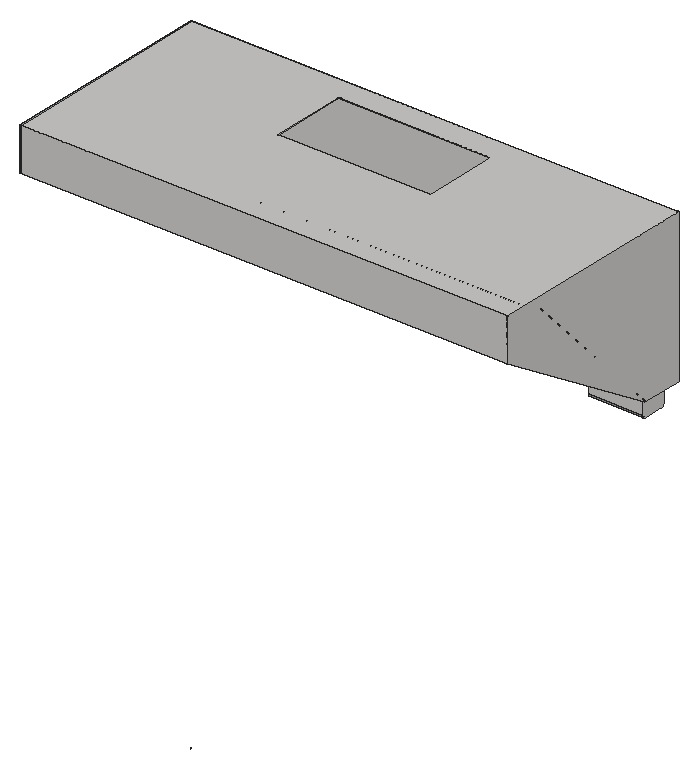
Revit family "QF_ELECTROLUXPROFESSIONAL_642271_MP716BT", category Specialty Equipment, Revit 2014
Reference planes
  plane 1: z = 0
  plane 2 "Center (Left/Right)": x = 150
  plane 3 "LEFT": x = -650
  plane 4 "RIGHT": x = 950
  plane 5 "BACK": y = 550
  plane 6 "Plane": z = 2000
  plane 7 "TOP": z = 2140
  plane 8 "Base": z = 1640
  plane 9: z = 1566
  plane 10 "DrainY": y = 485
  plane 11: x = -647
  plane 12: through (0, 414.509, 1640.8) normal (0, 0.7314, 0.682)
  plane 13: y = 470
  plane 14: y = 220
  plane 15 "DrainX": x = 830
  plane 16: x = -100
  plane 17: x = 400
  plane 18: x = 947
  plane 19: x = 740
  plane 20: x = 920
  plane 21: x = -450
  plane 22: x = 750
  plane 23: x = -47.5
  plane 24: x = 347.5
  plane 25 "FRONT": y = -150
  plane 26 "Center (Front/Back)": y = 200
Forms (mm)
  Extrusion 1, solid, material "QF_Finishes_Stainless Steel"
    sketch origin (-650, 0, 0) x (0, 1, 0) y (0, 0, 1)
      loop
        line (550, 1640) -> (550, 2140) -> (-150, 2140) -> (-150, 1998.603) -> (413.973, 1640) -> (550, 1640)
    from 0 to 3
  Extrusion 2, solid, material "QF_Finishes_Stainless Steel"
    sketch origin (150, 0, 0) x (0, 1, 0) y (0, 0, 1)
      loop
        line (415.255, 1640) -> (550, 1640) -> (550, 2139.19) -> (549.2, 2139.19) -> (549.2, 1640.8) -> (415.876, 1640.8) -> (339.347, 1722.867) -> (349.609, 1732.436) -> (348.927, 1733.167) -> (337.934, 1722.917) -> (415.255, 1640)
      loop
        line (-82.203, 2139.19) -> (-82.203, 2118.6) -> (-31.047, 2118.6) -> (34.354, 2048.466) -> (46.028, 2059.352) -> (45.346, 2060.083) -> (34.403, 2049.879) -> (-30.612, 2119.6) -> (-81.203, 2119.6) -> (-81.203, 2139.19) -> (-82.203, 2139.19)
    from -797 to 797
  Extrusion 3, solid, material "QF_Finishes_Stainless Steel"
    sketch origin (950, 0, 0) x (0, 1, 0) y (0, 0, 1)
      loop
        line (550, 1640) -> (550, 2140) -> (-150, 2140) -> (-150, 1998.603) -> (413.973, 1640) -> (550, 1640)
    from 0 to -3
  Extrusion 4, solid, material "QF_Finishes_Stainless Steel"
    sketch origin (150, 0, 0) x (0, 1, 0) y (0, 0, 1)
      loop
        line (-150, 2140) -> (-150, 2000) -> (-149.2, 2000) -> (-149.2, 2139.19) -> (550, 2139.19) -> (550, 2140) -> (-150, 2140)
    from -800 to 800
  Extrusion 5, solid, material "QF_Finishes_Stainless Steel"
    sketch origin (150, 0, 0) x (0, 1, 0) y (0, 0, 1)
      loop
        line (534, 1640) -> (436, 1640) -> (436, 1627) -> (443.5, 1627) -> (443.5, 1576)
        arc (443.5, 1576) -> (446.429, 1568.929) -> (453.5, 1566) r 10
        line (453.5, 1566) -> (516.5, 1566)
        arc (516.5, 1566) -> (523.571, 1568.929) -> (526.5, 1576) r 10
        line (526.5, 1576) -> (526.5, 1627) -> (534, 1627) -> (534, 1640)
    from 590 to 770
  Extrusion 6, solid, material "QF_Finishes_Stainless Steel"
    sketch origin (0, 0, 1640) x (0, 1, 0) y (-1, 0, 0)
      loop
        circle (485, -830) r 20
    from -76 to -74
  Extrusion 7, solid, material "QF_Finished_Chrome"
    sketch origin (150, 0, 0) x (0, 1, 0) y (0, 0, 1)
      loop
        line (337.934, 1722.917) -> (341.591, 1726.327) -> (38.011, 2051.876) -> (34.354, 2048.466) -> (337.934, 1722.917)
    from -197.5 to -600
  Extrusion 8, solid, material "QF_Finishes_Stainless Steel"
    sketch origin (150, 0, 0) x (0, 1, 0) y (0, 0, 1)
      loop
        line (337.934, 1722.917) -> (341.591, 1726.327) -> (38.011, 2051.876) -> (34.354, 2048.466) -> (337.934, 1722.917)
    from 797 to 600
  Extrusion 9, solid, material "QF_Finished_Chrome"
    sketch origin (150, 0, 0) x (0, 1, 0) y (0, 0, 1)
      loop
        line (341.588, 1726.324) -> (38.009, 2051.874) -> (34.354, 2048.466) -> (337.934, 1722.917) -> (341.588, 1726.324)
    from 197.5 to 600
  Extrusion 10, void
    sketch origin (0, 0, 2140) x (0, 1, 0) y (-1, 0, 0)
      loop
        line (470, -400) -> (470, 100) -> (220, 100) -> (220, -400) -> (470, -400)
    from 0 to -10
  Extrusion 11, solid, material "QF_Finishes_Stainless Steel"
    sketch origin (0, 0, 0) x (1, 0, 0) y (0, 1, 0)
      loop
        line (-650, 550) -> (-650, 549) -> (-649, 549) -> (-649, 550) -> (-650, 550)
    from 0 to 1
  Extrusion 12, solid, material "QF_Finishes_Stainless Steel"
    sketch origin (150, 0, 0) x (0, 1, 0) y (0, 0, 1)
      loop
        line (337.934, 1722.917) -> (341.591, 1726.327) -> (38.011, 2051.876) -> (34.354, 2048.466) -> (337.934, 1722.917)
    from -600 to -797
  Extrusion 13, solid, material "QF_Finishes_Stainless Steel"
    sketch origin (150, 0, 0) x (0, 1, 0) y (0, 0, 1)
      loop
        line (337.934, 1722.917) -> (341.591, 1726.327) -> (38.011, 2051.876) -> (34.354, 2048.466) -> (337.934, 1722.917)
    from 197.5 to -197.5
Cuts and joins
  Extrusion 10 cuts Extrusion 4
  joined: Extrusion 2, Extrusion 4
Lines and regions (mm)
  reference lines
    curve 1: line (150, 34.354, 2048.466) -> (150, 34.354, 1888.466)
  symbolic lines, style "SpecialityEquipment", detail levels coarse
    curve 2: line (950, 550, 2140) -> (-650, 550, 2140)
    curve 3: line (-650, 550, 2140) -> (-650, -150, 2140)
    curve 4: line (950, -150, 2140) -> (950, 550, 2140)
    curve 5: line (-650, -150, 2140) -> (950, -150, 2140)
    curve 6: line (400, 220, 2140) -> (-100, 220, 2140)
    curve 7: line (400, 470, 2140) -> (400, 220, 2140)
    curve 8: line (-100, 470, 2140) -> (400, 470, 2140)
    curve 9: line (-100, 220, 2140) -> (-100, 470, 2140)
  symbolic lines, detail levels coarse
    curve 10: line (-650, -150, 0) -> (950, 550, 0)
    curve 11: line (-650, 550, 0) -> (950, -150, 0)
Dimensions and locks
  plane 3 "LEFT" to plane 4 "RIGHT" = 1600 mm
  equal spacing: plane 3 "LEFT", plane 2 "Center (Left/Right)", plane 4 "RIGHT"
  locked: plane 6 "Plane" to level at 2000
  plane 7 "TOP" to plane 6 "Plane" = 140 mm
  locked: plane 7 "TOP" to plane 8 "Base" at 500
  plane 8 "Base" to plane 9 = 74 mm
  plane 5 "BACK" to plane 10 "DrainY" = 65 mm  (x2)
  plane 3 "LEFT" to plane 11 = 3 mm
  plane 5 "BACK" to plane 13 = 80 mm
  plane 13 to plane 14 = 250 mm  (x2)
  plane 15 "DrainX" to plane 4 "RIGHT" = 120 mm
  plane 18 to plane 4 "RIGHT" = 3 mm
  locked: plane 19 to plane 15 "DrainX" at 90
  locked: plane 15 "DrainX" to plane 20 at 90
  plane 13 to plane 5 "BACK" = 80 mm
  plane 3 "LEFT" to plane 21 = 200 mm
  plane 22 to plane 4 "RIGHT" = 200 mm
  locked: plane 23 to plane 24 at 395
  equal spacing: plane 23, plane 2 "Center (Left/Right)", plane 24
  locked: plane 16 to plane 17 at 500
  equal spacing: plane 16, plane 2 "Center (Left/Right)", plane 17
  locked: plane 5 "BACK" to plane 25 "FRONT" at 700
  equal spacing: plane 5 "BACK", plane 26 "Center (Front/Back)", plane 25 "FRONT"
  plane 5 "BACK" to plane 25 "FRONT" = 700 mm
  aligned and locked: level to plane 1
  aligned and locked: Extrusion 2 to Extrusion 1
  aligned and locked: Extrusion 2 to Extrusion 3
  aligned and locked: plane 4 "RIGHT" to Extrusion 4
  aligned and locked: Extrusion 4 to plane 3 "LEFT"
  aligned and locked: plane 18 to Extrusion 8
  aligned and locked: Extrusion 10 to plane 16
  aligned and locked: Extrusion 10 to plane 14
  aligned and locked: Extrusion 10 to plane 13
  aligned and locked: Extrusion 2 to Extrusion 4
  aligned and locked: plane 20 to Extrusion 5
  aligned and locked: Extrusion 5 to plane 19
  aligned and locked: Extrusion 8 to plane 22
  aligned and locked: Extrusion 9 to plane 22
  aligned and locked: Extrusion 7 to plane 21
  aligned and locked: Extrusion 12 to plane 11
  aligned and locked: plane 21 to Extrusion 12
  aligned and locked: Extrusion 3 to plane 18
  aligned and locked: Extrusion 10 to plane 17
  aligned and locked: plane 17 to curve 7
  aligned and locked: plane 24 to Extrusion 13
  aligned and locked: Extrusion 13 to plane 23
  aligned and locked: Extrusion 9 to plane 24
Automatic sketch dimensions
  curve 5 to plane 4 "RIGHT" = 0 mm
  curve 6 to plane 14 = 0 mm
  plane 13 to curve 8 = 0 mm
  curve 3 to plane 3 "LEFT" = 0 mm
  curve 3 to plane 5 "BACK" = 0 mm
  curve 6 to plane 16 = 0 mm
  Extrusion 1 sketch curve to plane 8 "Base" = 0 mm
  Extrusion 1 sketch curve to plane 5 "BACK" = 0 mm
  Extrusion 1 sketch curve to plane 7 "TOP" = 0 mm
  plane 13 to Extrusion 1 sketch curve = 56.027 mm
  Extrusion 1 sketch curve to plane 6 "Plane" = 1.397 mm
  Extrusion 2 sketch curve to plane 12 = 0 mm  (x3)
  Extrusion 2 sketch curve to plane 8 "Base" = 0 mm
  plane 12 to Extrusion 2 sketch curve = 0 mm
  Extrusion 2 sketch curve to plane 5 "BACK" = 0 mm
  Extrusion 2 sketch curve to Extrusion 2 sketch curve = 65.646 mm
  Extrusion 2 sketch curve to Extrusion 2 sketch curve = 0.682 mm  (x2)
  Extrusion 2 sketch curve to Extrusion 2 sketch curve = 10.261 mm
  plane 8 "Base" to Extrusion 2 sketch curve = 82.917 mm
  Extrusion 2 sketch curve to Extrusion 2 sketch curve = 10.942 mm
  Extrusion 2 sketch curve to Extrusion 2 sketch curve = 0.049 mm
  Extrusion 2 sketch curve to plane 7 "TOP" = 20.4 mm
  Extrusion 2 sketch curve to plane 7 "TOP" = 21.4 mm
  Extrusion 2 sketch curve to plane 7 "TOP" = 0.81 mm  (x2)
  Extrusion 2 sketch curve to Extrusion 2 sketch curve = 50.156 mm
  Extrusion 2 sketch curve to Extrusion 2 sketch curve = 1 mm
  plane 8 "Base" to Extrusion 2 sketch curve = 0.8 mm
  Extrusion 2 sketch curve to plane 5 "BACK" = 0.8 mm
  Extrusion 4 sketch curve to plane 6 "Plane" = 0 mm
  Extrusion 4 sketch curve to plane 5 "BACK" = 0 mm
  Extrusion 4 sketch curve to plane 7 "TOP" = 0 mm
  Extrusion 4 sketch curve to plane 7 "TOP" = 0.81 mm
  curve 1 to plane 12 = 0 mm
  curve 1 to plane 6 "Plane" = 111.534 mm
  Extrusion 5 sketch curve to plane 8 "Base" = 0 mm
  Extrusion 5 sketch curve to plane 9 = 0 mm
  Extrusion 5 sketch curve to plane 8 "Base" = 13 mm  (x2)
  plane 13 to Extrusion 5 sketch curve = 34 mm
  Extrusion 5 sketch curve to Extrusion 5 sketch curve = 7.5 mm  (x2)
  Extrusion 5 sketch curve to Extrusion 5 sketch curve = 10 mm
  plane 10 "DrainY" to Extrusion 5 sketch curve = 31.5 mm
  Extrusion 5 sketch curve to plane 5 "BACK" = 23.5 mm
  Extrusion 6 sketch curve to plane 10 "DrainY" = 0 mm
  Extrusion 6 sketch curve to plane 15 "DrainX" = 0 mm
  Extrusion 7 sketch curve to plane 12 = 0 mm  (x2)
  Extrusion 7 sketch curve to Extrusion 7 sketch curve = 3.657 mm
  plane 8 "Base" to Extrusion 7 sketch curve = 82.917 mm
  Extrusion 8 sketch curve to plane 12 = 0 mm  (x2)
  Extrusion 8 sketch curve to Extrusion 8 sketch curve = 3.657 mm
  plane 8 "Base" to Extrusion 8 sketch curve = 82.917 mm
  Extrusion 9 sketch curve to plane 12 = 0 mm  (x2)
  Extrusion 9 sketch curve to Extrusion 9 sketch curve = 3.655 mm
  plane 8 "Base" to Extrusion 9 sketch curve = 82.917 mm
  Extrusion 10 sketch curve to plane 14 = 0 mm
  plane 13 to Extrusion 10 sketch curve = 0 mm
  Extrusion 10 sketch curve to plane 17 = 0 mm
  Extrusion 10 sketch curve to plane 16 = 0 mm
  Extrusion 11 sketch curve to plane 3 "LEFT" = 0 mm
  Extrusion 11 sketch curve to plane 5 "BACK" = 0 mm
  plane 3 "LEFT" to Extrusion 11 sketch curve = 1 mm
  Extrusion 11 sketch curve to Extrusion 11 sketch curve = 1 mm
  Extrusion 12 sketch curve to plane 12 = 0 mm  (x2)
  Extrusion 12 sketch curve to Extrusion 12 sketch curve = 3.657 mm
  plane 8 "Base" to Extrusion 12 sketch curve = 82.917 mm
  Extrusion 13 sketch curve to plane 12 = 0 mm  (x2)
  Extrusion 13 sketch curve to Extrusion 13 sketch curve = 3.657 mm
  plane 8 "Base" to Extrusion 13 sketch curve = 82.917 mm
  Extrusion 4 sketch curve to Extrusion 4 sketch curve = 0.8 mm
  curve 5 to plane 14 = 370 mm
  Extrusion 1 sketch curve to plane 14 = 370 mm
  plane 6 "Plane" to Extrusion 2 sketch curve = 48.466 mm
  Extrusion 4 sketch curve to plane 14 = 369.2 mm
  curve 1 to plane 14 = 185.646 mm
  plane 6 "Plane" to Extrusion 7 sketch curve = 51.876 mm
  plane 6 "Plane" to Extrusion 8 sketch curve = 51.876 mm
  plane 6 "Plane" to Extrusion 9 sketch curve = 51.874 mm
  plane 6 "Plane" to Extrusion 12 sketch curve = 51.876 mm
  plane 6 "Plane" to Extrusion 13 sketch curve = 51.876 mm
  Extrusion 3 sketch curve to plane 7 "TOP" = 0 mm
  Extrusion 3 sketch curve to plane 8 "Base" = 0 mm
  Extrusion 3 sketch curve to plane 5 "BACK" = 0 mm
  Extrusion 3 sketch curve to plane 25 "FRONT" = 0 mm
  plane 13 to Extrusion 3 sketch curve = 56.027 mm
  Extrusion 3 sketch curve to plane 6 "Plane" = 1.397 mm
  curve 11 to plane 3 "LEFT" = 0 mm
  curve 10 to plane 3 "LEFT" = 0 mm
  curve 11 to plane 4 "RIGHT" = 0 mm
  curve 10 to plane 4 "RIGHT" = 0 mm
  curve 11 to plane 25 "FRONT" = 0 mm
  curve 10 to plane 25 "FRONT" = 0 mm
  curve 11 to plane 5 "BACK" = 0 mm
  curve 10 to plane 5 "BACK" = 0 mm
  radius of Extrusion 6 sketch curve = 20 mm
Connectors
  piping at (830, 485, 1564), diameter 20
    settings: on Extrusion 6, index 1, connector inside diameter 609.6 mm, connector length 0 mm, flow factor 0, pipe flow 0.0 L/s, pressure drop 0.0 Pa, fitting loss kfactor 0, connector angle 0.00°, fixture units 0, engagement length 0 mm, angle of deflection 0.00°, flow configuration 1, flow direction 2, fitting loss method 0, system type 16, joint type 0, gender type 0, connector reference index -1, connector utility 0, adjustable connector no, is connector primary yes, connector description "Drain"
  hvac at (150, 345, 2140)
    settings: on Extrusion 10, index 2, duct flow 0.0 L/s, flow factor 0, pres drop 0.0 Pa, loss coef 0, conn angle 0.00°, conn width 250 mm, conn height 500 mm, conn diameter 609.6 mm, duct sys type 3, conn prof type 1, flow config 1, flow direction 0, loss method 0, conn ref index -1, conn util no, is conn primary yes, conn desc "EXHAUST OUTLET"
